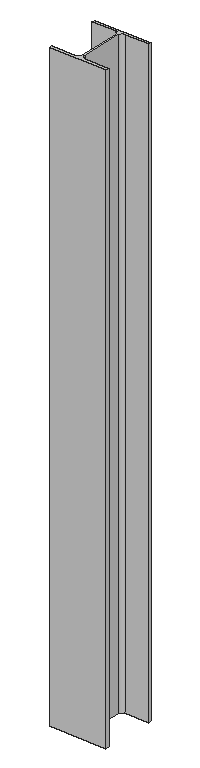
Revit family "f35756e978e14f9fbc225e43a1838240", category Structural Columns, Revit 2021
Family settings
  Section Shape = Not Defined
  Material for Model Behavior = Steel
  Always export as geometry = No
  Beam cutback in plan = From bounding box
  OmniClass Number = 23.25.30.11.14.11
  OmniClass Title = Columns
  Seek Item ID = W-Wide Flange-Column-0000-USA-ENU
  Cut with Voids When Loaded = No
  Symbolic Representation = From Project Settings
  Shared = No
  Show family pre-cut in plan views = Yes
Parameters (values of type "W10X49")
  W = 49
  Structural Material [instance] = Steel ASTM A992
  Assembly Code = "B10"
  bf = 0' - 10"
  d = 0' - 9 251/256"
  k = 0' - 1 1/4"
  kr = k - tf  # 0' - 0 177/256"
  tf = 0' - 0 143/256"
  tw = 0' - 0 87/256"
  A = 14.40 in²
Types (2): name | W | bf | d | k | tf | tw | A
  W10X49 | 49 | 0' - 10" | 0' - 9 251/256" | 0' - 1 1/4" | 0' - 0 143/256" | 0' - 0 87/256" | 14.40 in²
  W10X33 | 33 | 0' - 7 123/128" | 0' - 9 187/256" | 0' - 1 1/8" | 0' - 0 111/256" | 0' - 0 37/128" | 10.08 in²
Reference planes (in)
  plane 1: y = 0
  plane 2: z = 0
  plane 3: x = 0
  plane 4: x = -5
  plane 5: x = 5
  plane 6: y = 4.99023
  plane 7: y = -4.99023
  plane 8: x = -0.15625
  plane 9: x = 0.15625
Forms (in)
  Extrusion 1, solid, material "Steel ASTM A992" <- "Structural Material", detail levels medium
    sketch origin (0, 0, 0) x (1, 0, 0) y (0, 1, 0)
      loop
        line (-5, 4.99023) -> (-5, 4.43164) -> (-0.16992, 4.43164) -> (-0.16992, -4.43164) -> (-5, -4.43164) -> (-5, -4.99023) -> (5, -4.99023) -> (5, -4.43164) -> (0.16992, -4.43164) -> (0.16992, 4.43164) -> (5, 4.43164) -> (5, 4.99023) -> (-5, 4.99023)
    from 0 to 108
  Extrusion 2, solid, material "Steel ASTM A992" <- "Structural Material", detail levels fine
    sketch origin (0, 0, 0) x (1, 0, 0) y (0, 1, 0)
      loop
        line (-5, 4.99023) -> (-5, 4.43164) -> (-0.86133, 4.43164)
        arc (-0.86133, 4.43164) -> (-0.37243, 4.22913) -> (-0.16992, 3.74023) r 0.69141
        line (-0.16992, 3.74023) -> (-0.16992, -3.74023)
        arc (-0.16992, -3.74023) -> (-0.37243, -4.22913) -> (-0.86133, -4.43164) r 0.69141
        line (-0.86133, -4.43164) -> (-5, -4.43164) -> (-5, -4.99023) -> (5, -4.99023) -> (5, -4.43164) -> (0.86133, -4.43164)
        arc (0.86133, -4.43164) -> (0.37243, -4.22913) -> (0.16992, -3.74023) r 0.69141
        line (0.16992, -3.74023) -> (0.16992, 3.74023)
        arc (0.16992, 3.74023) -> (0.37243, 4.22913) -> (0.86133, 4.43164) r 0.69141
        line (0.86133, 4.43164) -> (5, 4.43164) -> (5, 4.99023) -> (-5, 4.99023)
    from 0 to 108
Lines and regions (in)
  symbolic lines, style "StructuralColumnStickSymbols", detail levels coarse
    curve 1: line (-5, 4.99023, 0) -> (5, 4.99023, 0)
    curve 2: line (-5, -4.99023, 0) -> (5, -4.99023, 0)
    curve 3: line (0, 4.99023, 0) -> (0, -4.99023, 0)
  symbolic lines, style "Hidden Faces", detail levels medium+fine
    curve 4: line (-0.15625, 0, 0) -> (-0.15625, 0, 108)
    curve 5: line (0.15625, 0, 108) -> (0.15625, 0, 0)
Dimensions and locks (in)
  equal spacing: plane 4, plane 3, plane 5
  equal spacing: plane 7, plane 1, plane 6
  "d": plane 7 to plane 6
  "bf": plane 4 to plane 5
  "tf": plane 7 to Extrusion 1 sketch curve
  "tf": Extrusion 1 sketch curve to plane 6
  equal spacing: Extrusion 1 sketch curve, plane 3, Extrusion 1 sketch curve
  "tw": Extrusion 1 sketch curve to Extrusion 1 sketch curve
  "kr": radius of Extrusion 2 sketch curve  (x4)
  aligned and locked: plane 6 to Extrusion 1 sketch curve
  aligned and locked: Extrusion 1 sketch curve to plane 7
  aligned and locked: Extrusion 1 sketch curve to plane 4  (x2)
  aligned and locked: plane 5 to Extrusion 1 sketch curve  (x2)
  aligned and locked: Extrusion 1 sketch curve to Extrusion 1 sketch curve  (x2)
  aligned and locked: level to Extrusion 1
  aligned and locked: level to plane 2
  aligned and locked: Extrusion 1 to plane 2
  aligned and locked: plane 6 to Extrusion 2 sketch curve
  aligned and locked: plane 5 to Extrusion 2 sketch curve  (x2)
  aligned and locked: Extrusion 2 sketch curve to plane 4  (x2)
  aligned and locked: Extrusion 2 sketch curve to Extrusion 1  (x6)
  aligned and locked: Extrusion 2 sketch curve to plane 7
  aligned and locked: level to Extrusion 2
  aligned and locked: Extrusion 2 to level
Automatic sketch dimensions
  curve 2 to plane 4 = 0' - 0"
  curve 1 to plane 4 = 0' - 0"
  curve 3 to plane 3 = 0' - 0"
  curve 2 to plane 5 = 0' - 0"
  curve 1 to plane 5 = 0' - 0"
  curve 3 to plane 7 = 0' - 0"
  curve 3 to plane 6 = 0' - 0"
  curve 4 to level = 0' - 0"  (x2)
  curve 4 to plane 8 = 0' - 0"
  curve 5 to level = 0' - 0"  (x2)
  curve 5 to plane 9 = 0' - 0"
